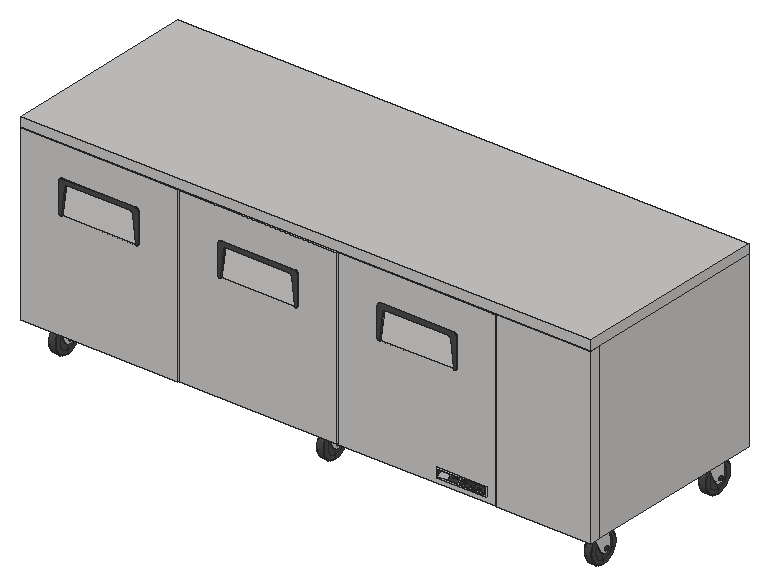
Revit family "QF_TRUE_TUC-93-HC", category Specialty Equipment, Revit 2016 (continued)
Definition of nested family "TUC-93-HC"
  Definition of nested family "QF_LOGO_TRUE"
    Forms (in)
      Extrusion 1, solid, visible <- "Show Logo"
        sketch origin (-78.34647, 34.76905, -30.51001) x (1, 0, 0) y (0, 0, 1)
          loop
            line (84.92269, 30.72903) -> (85.91461, 30.72903) -> (86.02479, 30.91987) -> (85.0243, 30.91987)
            arc (85.0243, 30.91987) -> (84.99669, 30.93902) -> (84.99566, 30.97261) r 0.03732
            line (84.99566, 30.97261) -> (85.01297, 31.00972)
            arc (85.01297, 31.00972) -> (85.03954, 31.04453) -> (85.0813, 31.05774) r 0.07263
            line (85.0813, 31.05774) -> (85.40289, 31.05774)
            arc (85.40289, 31.05774) -> (85.4723, 31.07633) -> (85.52311, 31.12715) r 0.13882
            line (85.52311, 31.12715) -> (85.61625, 31.28847)
            arc (85.61625, 31.28847) -> (85.61625, 31.37458) -> (85.54168, 31.41763) r 0.08611
            line (85.54168, 31.41763) -> (85.20227, 31.41763)
            arc (85.20227, 31.41763) -> (85.11574, 31.40294) -> (85.05538, 31.33923) r 0.13863
            line (85.05538, 31.33923) -> (84.89409, 30.99333)
            arc (84.89409, 30.99333) -> (84.84649, 30.9313) -> (84.77191, 30.90778) r 0.13002
            line (84.77191, 30.90778) -> (84.41984, 30.90778)
            arc (84.41984, 30.90778) -> (84.3777, 30.95378) -> (84.38042, 31.0161) r 0.08151
            line (84.38042, 31.0161) -> (84.56766, 31.41763) -> (84.44849, 31.41763) -> (84.25012, 30.99222)
            arc (84.25012, 30.99222) -> (84.21158, 30.94199) -> (84.15119, 30.92296) r 0.10527
            line (84.15119, 30.92296) -> (83.90842, 30.92296)
            arc (83.90842, 30.92296) -> (83.8674, 30.97642) -> (83.87619, 31.04323) r 0.08805
            line (83.87619, 31.04323) -> (84.05078, 31.41763) -> (83.92772, 31.41763) -> (83.72676, 30.98668)
            arc (83.72676, 30.98668) -> (83.68011, 30.94003) -> (83.61639, 30.92296) r 0.12745
            line (83.61639, 30.92296) -> (83.26484, 30.92296)
            arc (83.26484, 30.92296) -> (83.2017, 30.9524) -> (83.19563, 31.0218) r 0.06967
            line (83.19563, 31.0218) -> (83.31118, 31.26961) -> (83.47452, 31.26961)
            arc (83.47452, 31.26961) -> (83.50209, 31.35268) -> (83.56075, 31.41763) r 0.21289
            line (83.56075, 31.41763) -> (82.92244, 31.41763)
            arc (82.92244, 31.41763) -> (82.85151, 31.40191) -> (82.80242, 31.34834) r 0.12081
            line (82.80242, 31.34834) -> (82.6294, 30.9773)
            arc (82.6294, 30.9773) -> (82.58962, 30.93752) -> (82.53528, 30.92296) r 0.10869
            line (82.53528, 30.92296) -> (82.1542, 30.92296)
            arc (82.1542, 30.92296) -> (82.12446, 30.96315) -> (82.13012, 31.01283) r 0.06822
            line (82.13012, 31.01283) -> (82.38156, 31.48573) -> (83.01596, 31.48573) -> (83.09469, 31.65456) -> (82.46029, 31.65456) -> (82.53902, 31.8234) -> (82.31334, 31.8234) -> (82.23461, 31.65456) -> (81.15226, 31.65456)
          loop
            arc (85.15937, 31.26434) -> (85.13191, 31.25698) -> (85.1118, 31.23688) r 0.05494
            line (85.1118, 31.23688) -> (85.09547, 31.18665)
            arc (85.09547, 31.18665) -> (85.10304, 31.16837) -> (85.12133, 31.16079) r 0.02586
            line (85.12133, 31.16079) -> (85.39889, 31.16079)
            arc (85.39889, 31.16079) -> (85.41888, 31.16523) -> (85.43513, 31.1777) r 0.04731
            line (85.43513, 31.1777) -> (85.44863, 31.2402)
            arc (85.44863, 31.2402) -> (85.44466, 31.25693) -> (85.42914, 31.26434) r 0.01994
            line (85.42914, 31.26434) -> (85.15937, 31.26434)
          loop
            line (78.62961, 30.74125) -> (80.12032, 30.74125) -> (80.73891, 31.81268) -> (79.2482, 31.81268) -> (78.62961, 30.74125)
        from 34.76797 to 34.83173
      Extrusion 2, solid, visible <- "Show Logo"
        sketch origin (-142.84857, 34.75108, -33.3546) x (1, 0, 0) y (0, 0, 1)
          loop
            line (150.81107, 34.71978) -> (142.98607, 34.71978) -> (142.98607, 33.4921) -> (150.81107, 33.4921) -> (150.81107, 34.71978)
        from 34.75108 to 34.78125
      Extrusion 3, solid, visible <- "Show Logo"
        sketch origin (-142.84857, 34.75108, -33.3546) x (1, 0, 0) y (0, 0, 1)
          loop
            line (150.94857, 34.85727) -> (142.84857, 34.85727) -> (142.84857, 33.3546) -> (150.94857, 33.3546) -> (150.94857, 34.85727)
          loop
            line (142.98607, 34.71978) -> (142.98607, 33.4921) -> (150.81107, 33.4921) -> (150.81107, 34.71978) -> (142.98607, 34.71978)
        from 34.75108 to 34.81376
      Extrusion 4, solid, not visible
        sketch origin (121.45701, -16.5, 4.98235) x (1, 0, 0) y (0, 0, 1)
          loop
            line (25.20115, 35.89949) -> (25.20115, 33.96647) -> (30.95381, 33.96647) -> (30.95381, 35.89949) -> (25.20115, 35.89949)
        from 31.5 to 31.54261
      Extrusion 5, solid, not visible
        sketch origin (121.45701, -16.5, 4.98235) x (1, 0, 0) y (0, 0, 1)
          loop
            line (26.7387, 34.95472) -> (26.61492, 34.49276) -> (27.038, 34.49276)
            arc (27.038, 34.49276) -> (27.13117, 34.52484) -> (27.18485, 34.60749) r 0.15134
            arc (27.18485, 34.60749) -> (27.20396, 34.68138) -> (27.22435, 34.75493) r 4.37326
            arc (27.22435, 34.75493) -> (27.23458, 34.81765) -> (27.22435, 34.88037) r 0.1974
            arc (27.22435, 34.88037) -> (27.18247, 34.93579) -> (27.11563, 34.95472) r 0.10914
            line (27.11563, 34.95472) -> (26.7387, 34.95472)
          loop
            line (26.90201, 34.80638) -> (26.84645, 34.59903) -> (26.92855, 34.59903)
            arc (26.92855, 34.59903) -> (26.98205, 34.6185) -> (27.01051, 34.6678) r 0.08322
            line (27.01051, 34.6678) -> (27.02399, 34.74424)
            arc (27.02399, 34.74424) -> (27.01491, 34.78454) -> (26.97985, 34.80638) r 0.05353
            line (26.97985, 34.80638) -> (26.90201, 34.80638)
          loop
            line (27.45336, 34.66131) -> (27.76233, 34.66131) -> (27.78859, 34.73909)
            arc (27.78859, 34.73909) -> (27.7878, 34.82039) -> (27.73107, 34.87864) r 0.10925
            arc (27.73107, 34.87864) -> (27.68233, 34.8944) -> (27.63139, 34.89974) r 0.24595
            line (27.63139, 34.89974) -> (27.46708, 34.89974)
            arc (27.46708, 34.89974) -> (27.4068, 34.88073) -> (27.3535, 34.84677) r 0.2421
            arc (27.3535, 34.84677) -> (27.2897, 34.76363) -> (27.26702, 34.66131) r 0.2421
            line (27.26702, 34.66131) -> (27.26702, 34.54477)
            arc (27.26702, 34.54477) -> (27.31618, 34.4956) -> (27.38334, 34.47761) r 0.13431
            line (27.38334, 34.47761) -> (27.59054, 34.47761)
            arc (27.59054, 34.47761) -> (27.63459, 34.48281) -> (27.67622, 34.49812) r 0.18924
            line (27.67622, 34.49812) -> (27.73102, 34.61563)
            arc (27.73102, 34.61563) -> (27.68453, 34.59565) -> (27.63566, 34.58252) r 0.35376
            arc (27.63566, 34.58252) -> (27.55885, 34.56956) -> (27.48204, 34.58252) r 0.23415
            arc (27.48204, 34.58252) -> (27.44492, 34.61362) -> (27.45336, 34.66131) r 0.04838
          loop
            line (27.4842, 34.73042) -> (27.62012, 34.73042) -> (27.62621, 34.76496)
            arc (27.62621, 34.76496) -> (27.58961, 34.80242) -> (27.53739, 34.80638) r 0.0742
            arc (27.53739, 34.80638) -> (27.49747, 34.77773) -> (27.4842, 34.73042) r 0.0742
          loop
            line (27.91616, 34.97572) -> (27.78675, 34.49276) -> (27.98645, 34.49276) -> (28.11586, 34.97572) -> (27.91616, 34.97572)
          loop
            line (28.13678, 34.66131) -> (28.08755, 34.47761) -> (28.27134, 34.47761) -> (28.32056, 34.66131) -> (28.43674, 34.66131) -> (28.47974, 34.78864) -> (28.36519, 34.78864)
            arc (28.36519, 34.78864) -> (28.35733, 34.81649) -> (28.36921, 34.84288) r 0.04231
            arc (28.36921, 34.84288) -> (28.431, 34.8652) -> (28.49617, 34.85686) r 0.13988
            line (28.49617, 34.85686) -> (28.53544, 34.97317)
            arc (28.53544, 34.97317) -> (28.39725, 34.99096) -> (28.25905, 34.97317) r 0.54546
            arc (28.25905, 34.97317) -> (28.20849, 34.91994) -> (28.18197, 34.85147) r 0.1894
            line (28.18197, 34.85147) -> (28.17089, 34.78864) -> (28.11397, 34.78864) -> (28.07985, 34.66131) -> (28.13678, 34.66131)
          loop
            arc (28.74846, 34.89756) -> (28.65884, 34.88533) -> (28.56922, 34.89756) r 0.33455
            line (28.56922, 34.89756) -> (28.45669, 34.47761) -> (28.63593, 34.47761) -> (28.74846, 34.89756)
          loop
            arc (28.60398, 35.01195) -> (28.57699, 34.97173) -> (28.60398, 34.9315) r 0.04347
            line (28.60398, 34.9315) -> (28.75755, 34.9315)
            arc (28.75755, 34.9315) -> (28.78645, 34.96687) -> (28.77911, 35.01195) r 0.0556
            line (28.77911, 35.01195) -> (28.60398, 35.01195)
          loop
            line (28.95336, 34.66131) -> (29.26233, 34.66131) -> (29.28859, 34.73909)
            arc (29.28859, 34.73909) -> (29.2878, 34.82039) -> (29.23107, 34.87864) r 0.10925
            arc (29.23107, 34.87864) -> (29.18233, 34.8944) -> (29.13139, 34.89974) r 0.24595
            line (29.13139, 34.89974) -> (28.96708, 34.89974)
            arc (28.96708, 34.89974) -> (28.9068, 34.88073) -> (28.8535, 34.84677) r 0.2421
            arc (28.8535, 34.84677) -> (28.7897, 34.76363) -> (28.76702, 34.66131) r 0.2421
            line (28.76702, 34.66131) -> (28.76702, 34.54477)
            arc (28.76702, 34.54477) -> (28.81618, 34.4956) -> (28.88334, 34.47761) r 0.13431
            line (28.88334, 34.47761) -> (29.09054, 34.47761)
            arc (29.09054, 34.47761) -> (29.13459, 34.48281) -> (29.17622, 34.49812) r 0.18924
            line (29.17622, 34.49812) -> (29.23102, 34.61563)
            arc (29.23102, 34.61563) -> (29.18453, 34.59565) -> (29.13566, 34.58252) r 0.35376
            arc (29.13566, 34.58252) -> (29.05885, 34.56956) -> (28.98204, 34.58252) r 0.23415
            arc (28.98204, 34.58252) -> (28.94492, 34.61362) -> (28.95336, 34.66131) r 0.04838
          loop
            line (28.9842, 34.73042) -> (29.12012, 34.73042) -> (29.12621, 34.76496)
            arc (29.12621, 34.76496) -> (29.08961, 34.80242) -> (29.03739, 34.80638) r 0.0742
            arc (29.03739, 34.80638) -> (28.99747, 34.77773) -> (28.9842, 34.73042) r 0.0742
          loop
            line (29.41616, 34.97572) -> (29.28675, 34.49276) -> (29.48645, 34.49276) -> (29.61586, 34.97572) -> (29.41616, 34.97572)
          loop
            line (29.99836, 34.97572) -> (29.95192, 34.80242)
            arc (29.95192, 34.80242) -> (29.94473, 34.85705) -> (29.90102, 34.89059) r 0.07199
            arc (29.90102, 34.89059) -> (29.80023, 34.89941) -> (29.70251, 34.87322) r 0.29131
            arc (29.70251, 34.87322) -> (29.61806, 34.7652) -> (29.5896, 34.63108) r 0.30433
            line (29.5896, 34.63108) -> (29.5896, 34.55572)
            arc (29.5896, 34.55572) -> (29.61075, 34.50463) -> (29.66184, 34.48348) r 0.07224
            line (29.66184, 34.48348) -> (29.78537, 34.48348)
            arc (29.78537, 34.48348) -> (29.83854, 34.51313) -> (29.88504, 34.55243) r 0.31609
            line (29.88504, 34.55243) -> (29.86905, 34.49276) -> (30.05973, 34.49276) -> (30.18914, 34.97572) -> (29.99836, 34.97572)
          loop
            arc (29.84537, 34.75931) -> (29.79424, 34.71128) -> (29.77745, 34.64317) r 0.12371
            arc (29.77745, 34.64317) -> (29.80071, 34.59901) -> (29.85056, 34.59647) r 0.05045
            arc (29.85056, 34.59647) -> (29.90141, 34.64047) -> (29.92536, 34.7033) r 0.13769
            arc (29.92536, 34.7033) -> (29.90211, 34.75521) -> (29.84537, 34.75931) r 0.05543
          loop
            line (26.45047, 35.26762) -> (26.58211, 35.26762)
            arc (26.58211, 35.26762) -> (26.60467, 35.30821) -> (26.62126, 35.35157) r 0.3277
            arc (26.62126, 35.35157) -> (26.62714, 35.39992) -> (26.60877, 35.44503) r 0.09693
            arc (26.60877, 35.44503) -> (26.56454, 35.48868) -> (26.50462, 35.50516) r 0.12312
            arc (26.50462, 35.50516) -> (26.44158, 35.50565) -> (26.37854, 35.50546) r 5.76967
            arc (26.37854, 35.50546) -> (26.07462, 35.42923) -> (25.81045, 35.26076) r 0.97743
            line (25.81045, 35.26076) -> (25.85921, 35.26076)
            arc (25.85921, 35.26076) -> (26.08494, 35.39361) -> (26.3396, 35.45485) r 0.88817
            arc (26.3396, 35.45485) -> (26.41429, 35.44188) -> (26.47267, 35.39352) r 0.14748
            arc (26.47267, 35.39352) -> (26.48041, 35.32725) -> (26.45047, 35.26762) r 0.11636
          loop
            arc (26.35412, 35.17841) -> (26.19578, 35.0555) -> (26.00982, 34.98069) r 0.72453
            arc (26.00982, 34.98069) -> (25.9036, 34.95581) -> (25.79459, 34.9604) r 0.40201
            arc (25.79459, 34.9604) -> (25.7275, 34.98819) -> (25.69972, 35.05528) r 0.09488
            arc (25.69972, 35.05528) -> (25.71867, 35.12629) -> (25.77049, 35.17841) r 0.1425
            line (25.77049, 35.17841) -> (25.73665, 35.18748)
            arc (25.73665, 35.18748) -> (25.67632, 35.09876) -> (25.66924, 34.99171) r 0.20432
            arc (25.66924, 34.99171) -> (25.71443, 34.9227) -> (25.79473, 34.90384) r 0.11116
            arc (25.79473, 34.90384) -> (25.91172, 34.89904) -> (26.02716, 34.91862) r 0.56145
            arc (26.02716, 34.91862) -> (26.27675, 35.021) -> (26.49584, 35.17841) r 1.15683
            line (26.49584, 35.17841) -> (26.35412, 35.17841)
        from 31.54261 to 31.56272
    Dimensions and locks (in)
      aligned and locked: level to plane 2
      aligned and locked: Extrusion 2 to Extrusion 3  (x2)
      aligned and locked: Extrusion 2 sketch curve to Extrusion 3
Definition of nested family "CASTERS & LEGS"
  Parameters
    Weight = ""
    URL Manufacturer = ""
    URL Cutsheet = ""
    URL = ""
    Type Mark [instance] = ""
    Status [instance] = ""
    Specification by User [instance] = ""
    Specification by Manufacturer = ""
    Show 4" Casters [instance] = yes
    Show 2 1/2" Casters [instance] = yes
    Serial Number = ""
    Seismic Rating = ""
    Seismic Plate [instance] = yes
    SMACNA No = ""
    Revision Code [instance] = ""
    Omniclass Number and Title = ""
    NAFEM Spec ID Number = ""
    Model = ""
    MasterSpec. = ""
    Manufacturer = ""
    Legs [instance] = yes
    Item Number [instance] = ""
    Installed By [instance] = ""
    Identify Quantity as Lot [instance] = yes
    Furnished By [instance] = ""
    Foodservice Equipment Identifier [instance] = yes
    Description = ""
    CSI MasterFormat = ""
    CSI Master Format = ""
    Assembly Code = ""
  Reference planes (in)
    plane 1: z = 0
    plane 2 "RIGHT": x = 0
    plane 3 "FRONT": y = 0
    plane 4 "TOP": z = 4.25
  Forms (in)
    Revolve 1, solid, visible <- "Show 4" Casters"
      sketch origin (-1.93794, 0.83816, -1.0041) x (1, 0, 0) y (0, 0, 1)
        loop
          line (0.74055, 2.2541) -> (3.15007, 2.2541) -> (3.15007, 2.3296) -> (3.10007, 2.3796) -> (3.04007, 2.3796) -> (3.04007, 2.49967) -> (2.62438, 2.49967) -> (2.62438, 2.68884) -> (2.48438, 2.76967) -> (2.45908, 2.92597) -> (2.51563, 2.92597) -> (2.51563, 3.16035) -> (2.48438, 3.16035) -> (2.48438, 3.5041) -> (1.375, 3.5041) -> (1.375, 3.16035) -> (1.34375, 3.16035) -> (1.34375, 2.92597) -> (1.4003, 2.92597) -> (1.37557, 2.77318) -> (1.235, 2.69202) -> (1.235, 2.49967) -> (0.85055, 2.49967) -> (0.85055, 2.3796) -> (0.79055, 2.3796) -> (0.74055, 2.3296) -> (0.74055, 2.2541)
        axis (0.74055, 2.2541) -> (3.15007, 2.2541)
      angle from 0 to 360
    Extrusion 2, solid, visible <- "Show 4" Casters"
      sketch origin (-1.93794, 1.80294, -2.0666) x (0, 1, 0) y (0, 0, 1)
        loop
          line (-3.08794, 5.65497) -> (-3.08794, 5.00584) -> (-2.69466, 5.00584)
          arc (-2.69466, 5.00584) -> (-1.57175, 4.94895) -> (-0.46376, 4.75787) r 9.36411
          arc (-0.46376, 4.75787) -> (-0.05889, 4.58436) -> (0.28335, 4.30705) r 1.60049
          line (0.28335, 4.30705) -> (0.34449, 4.39437)
          arc (0.34449, 4.39437) -> (0.12713, 4.6163) -> (-0.1239, 4.79931) r 1.8753
          line (-0.1239, 4.79931) -> (-0.05749, 4.91421)
          arc (-0.05749, 4.91421) -> (-0.33807, 5.05694) -> (-0.64294, 5.13542) r 1.44292
          line (-0.64294, 5.13542) -> (-0.64294, 5.65497) -> (-3.08794, 5.65497)
      from 1.1267 to 2.74918
    Revolve 3, solid, visible <- "Show 4" Casters"
      sketch origin (0, 2.15543, -2) x (0, 1, 0) y (0, 0, 1)
        loop
          line (-2.21793, 6.25) -> (-2.21793, 5.58837) -> (-1.05793, 5.58837) -> (-1.05793, 6.25) -> (-2.21793, 6.25)
        axis (-2.21793, 5.58837) -> (-2.21793, 6.25)
      angle from 0 to 360
    Extrusion 4, solid, visible <- "Show 4" Casters"
      sketch origin (-1.93794, 1.80294, -1.7541) x (0, 1, 0) y (0, 0, 1)
        loop
          line (-3.08794, 5.34247) -> (-3.08794, 4.69334) -> (-2.8913, 4.69334)
          arc (-2.8913, 4.69334) -> (-2.07295, 4.01416) -> (-1.45681, 3.14736) r 4.10005
          arc (-1.45681, 3.14736) -> (-0.85703, 2.75969) -> (-0.4561, 3.35069) r 0.5107
          arc (-0.4561, 3.35069) -> (-0.24532, 3.85516) -> (0.28335, 3.99455) r 0.61749
          line (0.28335, 3.99455) -> (0.34449, 4.08187)
          arc (0.34449, 4.08187) -> (0.12713, 4.3038) -> (-0.1239, 4.48681) r 1.8753
          line (-0.1239, 4.48681) -> (-0.05749, 4.60171)
          arc (-0.05749, 4.60171) -> (-0.33807, 4.74444) -> (-0.64294, 4.82292) r 1.44292
          line (-0.64294, 4.82292) -> (-0.64294, 5.34247) -> (-3.08794, 5.34247)
      from 2.74918 to 2.90825
    Extrusion 5, solid, visible <- "Show 4" Casters"
      sketch origin (1.93794, 1.80294, -1.7541) x (0, 1, 0) y (0, 0, -1)
        loop
          arc (-0.4561, -3.35069) -> (-0.85703, -2.75969) -> (-1.45681, -3.14736) r 0.5107
          arc (-1.45681, -3.14736) -> (-2.07295, -4.01416) -> (-2.8913, -4.69334) r 4.10005
          line (-2.8913, -4.69334) -> (-3.08794, -4.69334) -> (-3.08794, -5.34247) -> (-0.64294, -5.34247) -> (-0.64294, -4.82292)
          arc (-0.64294, -4.82292) -> (-0.33807, -4.74444) -> (-0.05749, -4.60171) r 1.44292
          line (-0.05749, -4.60171) -> (-0.1239, -4.48681)
          arc (-0.1239, -4.48681) -> (0.12713, -4.3038) -> (0.34449, -4.08187) r 1.8753
          line (0.34449, -4.08187) -> (0.28335, -3.99455)
          arc (0.28335, -3.99455) -> (-0.24532, -3.85516) -> (-0.4561, -3.35069) r 0.61749
      from 2.74918 to 2.90825
    Extrusion 6, solid, visible <- "Seismic Plate"
      sketch origin (30.22541, -24.4251, 0) x (-1, 0, 0) y (0, -1, 0)
        loop
          circle (30.22541, -24.4251) r 1.5
      from 0 to 0.3125
    Revolve 7, solid, visible <- "Legs"
      sketch origin (-2, 0, 0) x (1, 0, 0) y (0, 0, -1)
        loop
          line (2, -6) -> (2, 0) -> (1.5, 0) -> (1.5, -1) -> (1.25, -1) -> (0.53856, -6) -> (2, -6)
        axis (2, 0) -> (2, -6)
      angle from 0 to 360
  Cuts and joins
    joined: Extrusion 2, Extrusion 4, Extrusion 5
  Lines and regions (in)
    symbolic lines, visible <- "Show 4" Casters"
      curve 1: line (0.28481, 1.83041, 0) -> (1.24556, 1.27572, 0)
      curve 2: line (-1.26206, -0.84886, 0) -> (0.28481, 1.83041, 0)
      curve 3: line (-0.30132, -1.40355, 0) -> (-1.26206, -0.84886, 0)
      curve 4: line (1.24556, 1.27572, 0) -> (-0.30132, -1.40355, 0)
  Dimensions and locks (in)
    plane 4 "TOP" to level = 4 1/4"  (x2)
    aligned and locked: level to plane 1
